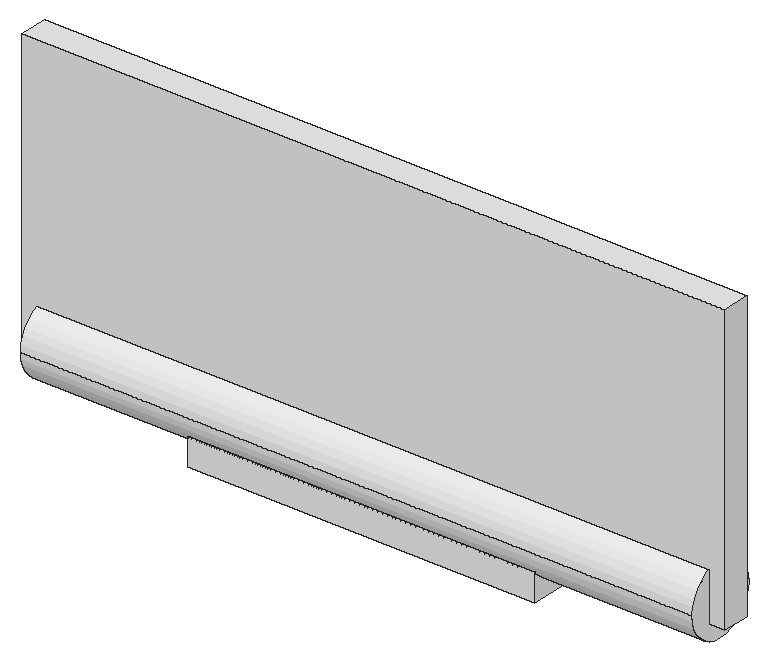
Revit family "KEUCO_14910005200", category Allgemeines Modell, Revit 2016
Family settings
  Teiletyp = Normal
  Kann Basisbauteil für Bewehrung sein = Nein
  Bemaßung runder Anschluss = Durchmesser verwenden
  Arbeitsebenenbasiert = Ja
  Immer vertikal = Nein
  Beim Laden mit Abzugskörper schneiden = Nein
  Gemeinsam genutzt = Nein
  Raumberechnungspunkt = Nein
Parameters (values of type "14910005200")
  Default Elevation = 1219.2 mm
  Verwendung = "GWC / WP"  # constant formula
  URL = "https://www.keuco.com/de/produkte/sortiment/artikel/?pid=14910&oid=2&pgo=4&country=de&lang=de&vid=14910005200"
  Preisgruppe = ""
  Material Regal = Hochwertige Cristallinglas-Platte
  Serie = "Plan"  # constant formula
  Materialien bei Hersteller anfragen = "Anfrage zu:  objektmanagement@keuco.de"
  Rahmen Material = Verchromt
  Länge = 220 mm
  Kategorie = "ACC"  # constant formula
  Hersteller = "KEUCO"  # constant formula
  Tiefe = 100 mm
  Gewicht = 0.522
  Description = ""  # constant formula
  Assembly Code = ""
  Ausschreibungstext = "KEUCO PLAN Glasplatte 14910005200 \r\nHochwertige Cristallinglas-Platte, \r\nohne Grünkante, Unterseite mattiert \r\npassend zur Ablagekonsole Artikel-Nr. 14910 \r\nBreite 220 mm, Tiefe 100 mm, Stärke 8 mm \r\nDie maximale Ausladung inklusive Ablagekonsole beträgt 110 mm \r\nDie Ablagekonsole ist separat zu bestellen!"
  Artikelnummer = "14910005200"
Types (3, lengths in mm): name | URL | Materialien bei Hersteller anfragen | Länge | Tiefe | Gewicht | Ausschreibungstext | Artikelnummer
  14910005200 | "https://www.keuco.com/de/produkte/sortiment/artikel/?pid=14910&oid=2&pgo=4&country=de&lang=de&vid=14910005200" | "Anfrage zu:  objektmanagement@keuco.de" | 220 | 100 | 0.522 | "KEUCO PLAN Glasplatte 14910005200 \r\nHochwertige Cristallinglas-Platte, \r\nohne Grünkante, Unterseite mattiert \r\npassend zur Ablagekonsole Artikel-Nr. 14910 \r\nBreite 220 mm, Tiefe 100 mm, Stärke 8 mm \r\nDie maximale Ausladung inklusive Ablagekonsole beträgt 110 mm \r\nDie Ablagekonsole ist separat zu bestellen!" | "14910005200"
  14910005300 | "https://www.keuco.com/de/produkte/sortiment/artikel/?pid=14910&oid=2&pgo=4&country=de&lang=de&vid=14910005300" | "Request to:  objektmanagement@keuco.de" | 350 | 120 | 0.974 | "KEUCO PLAN Glasplatte 14910005300 \r\nHochwertige Cristallinglas-Platte, \r\nohne Grünkante, Unterseite mattiert \r\npassend zur Ablagekonsole Artikel-Nr. 14910 \r\nBreite 350 mm, Tiefe 120 mm, Stärke 8 mm \r\nDie maximale Ausladung inklusive Ablagekonsole beträgt 130 mm \r\nDie Ablagekonsole ist separat zu bestellen!" | "14910005300"
  14910005500 | "https://www.keuco.com/de/produkte/sortiment/artikel/?pid=14910&oid=2&pgo=4&country=de&lang=de&vid=14910005500" | "Request to:  objektmanagement@keuco.de" | 500 | 120 | 1.46 | "KEUCO PLAN Glasplatte 14910005500 \r\nHochwertige Cristallinglas-Platte, \r\nohne Grünkante, Unterseite mattiert \r\npassend zur Ablagekonsole Artikel-Nr. 14910 \r\nBreite 550 mm, Tiefe 120 mm, Stärke 8 mm \r\nDie maximale Ausladung inklusive Ablagekonsole beträgt 130 mm \r\nDie Ablagekonsole ist separat zu bestellen!" | "14910005500"
Reference planes
  plane 1 "Center (Front/Back)": y = 0
  plane 2: z = 0
  plane 3 "Center (Left/Right)": x = 0
  plane 4: x = -110
  plane 5: x = 110
  plane 6: z = 100
Forms (mm)
  Extrusion 1, solid, material "Verchromt" <- "Rahmen Material"
    sketch origin (0, 0, 0) x (0, 1, 0) y (0, 0, 1)
      loop
        line (8.82, 0) -> (8.82, 10) -> (-8.82, 10) -> (-8.82, 0) -> (8.82, 0)
    from -54.488 to 54.06
  Extrusion 2, solid, material "Verchromt" <- "Rahmen Material", detail levels medium+fine
    sketch origin (0, 0, 0) x (0, 1, 0) y (0, 0, 1)
      loop
        circle (0, 15.267) r 11
    from -105.246 to 105.078
  Extrusion 3, solid, material "Hochwertige Cristallinglas-Platte" <- "Material Regal"
    sketch origin (0, 0, 0) x (1, 0, 0) y (0, 0, 1)
      loop
        line (-110, 100) -> (-110, 10.017) -> (110, 10.017) -> (110, 100) -> (-110, 100)
    from -4.38 to 4.38
Dimensions and locks
  equal spacing: Extrusion 1 sketch curve, plane 1 "Center (Front/Back)", Extrusion 1 sketch curve
  locked: Extrusion 1 sketch curve to Extrusion 1 sketch curve at 17.641
  Extrusion 1 to plane 3 "Center (Left/Right)" to Extrusion 1 = 54.488 mm locked, 54.06 mm locked
  Extrusion 2 to plane 3 "Center (Left/Right)" to Extrusion 2 = 105.078 mm locked, 105.246 mm locked
  equal spacing: plane 5, plane 3 "Center (Left/Right)", plane 4
  "Länge": plane 5 to plane 4
  "Tiefe": plane 6 to level
  equal spacing: Extrusion 3, plane 1 "Center (Front/Back)", Extrusion 3
  locked: Extrusion 3 to Extrusion 3 at 8.761
  aligned and locked: level to plane 2
  aligned and locked: Extrusion 3 to plane 4
  aligned and locked: plane 5 to Extrusion 3
  aligned and locked: plane 6 to Extrusion 3
Automatic sketch dimensions
  Extrusion 1 sketch curve to level = 0 mm
  level to Extrusion 1 sketch curve = 10 mm
  Extrusion 2 sketch curve to plane 1 "Center (Front/Back)" = 0 mm
  level to Extrusion 2 sketch curve = 15.267 mm
  plane 4 to Extrusion 3 sketch curve = 0 mm
  Extrusion 3 sketch curve to plane 5 = 0 mm
  level to Extrusion 3 sketch curve = 10.017 mm
  Extrusion 3 sketch curve to Extrusion 3 sketch curve = 89.983 mm
  radius of Extrusion 2 sketch curve = 11 mm
